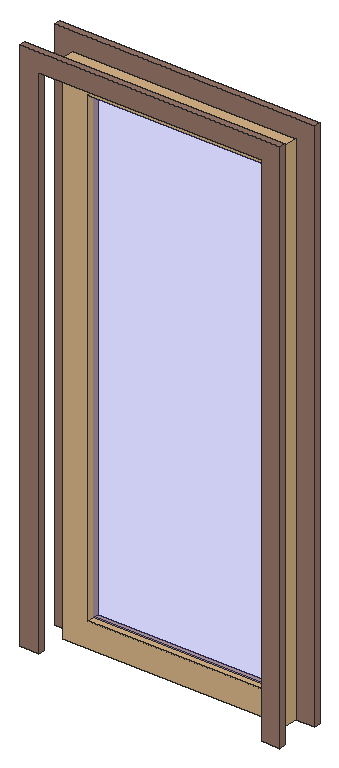
Revit family "Single-Glass 1", category Doors, host Wall, Revit 2014
Parameters (values of type "36" x 84"")
  Visual Light Transmittance = 0
  Thickness = 0' - 2"
  Solar Heat Gain Coefficient = 0
  Construction Type Id = ""
  Heat Transfer Coefficient (U) = 0.6520 BTU/(h·ft²·°F)
  Function = Interior
  Assembly Code = "C1020"
  Door Material = Door - Panel
  Frame Material = Door - Frame
  Height = 7' - 0"
  Rail Width - Base = 0' - 4"
  Rail Width - Top = 0' - 4"
  Stile Width - Hinge = 0' - 4"
  Stile Width - Latch = 0' - 4"
  Trim Projection Ext = 0' - 1"
  Trim Projection Int = 0' - 1"
  Trim Width = 0' - 3"
  Wall Closure = By host
  Width = 3' - 0"
  Analytic Construction = Metal
Types (7): name | Height | Width
  36" x 84" | 7' - 0" | 3' - 0"
  34" x 84" | 7' - 0" | 2' - 10"
  32" x 84" | 7' - 0" | 2' - 8"
  30" x 84" | 7' - 0" | 2' - 6"
  30" x 80" | 6' - 8" | 2' - 6"
  36" x 80" | 6' - 8" | 3' - 0"
  34" x 80" | 6' - 8" | 2' - 10"
Reference planes (in)
  plane 1: y = 0
  plane 2: z = 0
  plane 3: x = 0
  plane 4: x = -18
  plane 5: x = 18
  plane 6: z = 84
  plane 7: y = 2.125
Forms (in)
  Extrusion 1, solid, material "Door - Panel" <- "Door Material"
    sketch origin (0, 0, 0) x (1, 0, 0) y (0, 0, 1)
      loop
        line (-18, 84) -> (-18, 0) -> (18, 0) -> (18, 84) -> (-18, 84)
      loop
        line (14, 80) -> (-14, 80) -> (-14, 4) -> (14, 4) -> (14, 80)
    from -3 to -1
  Extrusion 2, solid, material "Glass"
    sketch origin (0, 0, 0) x (1, 0, 0) y (0, 0, 1)
      loop
        line (14, 80) -> (-14, 80) -> (-14, 4) -> (14, 4) -> (14, 80)
    from -1.875 to -2.125
  Extrusion 3, solid, material "Door - Frame" <- "Frame Material"
    sketch origin (-84.47493, 3, 0) x (-1, 0, 0) y (0, 0, 1)
      loop
        line (-102.47493, 0) -> (-102.47493, 84) -> (-66.47493, 84) -> (-66.47493, 0) -> (-63.47493, 0) -> (-63.47493, 87) -> (-105.47493, 87) -> (-105.47493, 0) -> (-102.47493, 0)
    from 0 to 1
  Extrusion 4, solid, material "Door - Frame" <- "Frame Material"
    sketch origin (-84.47493, -3, 0) x (1, 0, 0) y (0, 0, 1)
      loop
        line (102.47493, 0) -> (105.47493, 0) -> (105.47493, 87) -> (63.47493, 87) -> (63.47493, 0) -> (66.47493, 0) -> (66.47493, 84) -> (102.47493, 84) -> (102.47493, 0)
    from 0 to 1
Lines and regions (in)
  Opening 1
    outline origin (-60, -3, 144) x (0, 0, -1) y (1, 0, 0)
      loop
        line (60, 42) -> (144, 42) -> (144, 78) -> (60, 78) -> (60, 42)
  symbolic lines, style "DoorsPanelProjection"
    curve 1: line (18, 3, 0) -> (16, 3, 0)
    curve 2: line (18, 3, 0) -> (18, 7, 0)
    curve 3: line (18, 39, 0) -> (16, 39, 0)
    curve 4: line (16, 3, 0) -> (16, 7, 0)
    curve 10: line (16, 35, 0) -> (18, 35, 0)
    curve 11: line (16, 7, 0) -> (18, 7, 0)
    curve 13: line (16, 35, 0) -> (16, 39, 0)
    curve 14: line (18, 35, 0) -> (18, 39, 0)
    curve 15: line (16, 7, 0) -> (16, 35, 0)
    curve 16: line (18, 7, 0) -> (18, 35, 0)
  symbolic lines, style "Plan Swing"
    curve 5: arc (18, 39, 0) -> (-7.45584, 28.45584, 0) -> (-18, 3, 0) r 36
  symbolic lines, style "DoorsGlassProjection"
    curve 6: line (14, 0, 80) -> (14, 0, 4)
    curve 7: line (14, 0, 80) -> (-14, 0, 80)
    curve 8: line (-14, 0, 80) -> (-14, 0, 4)
    curve 9: line (14, 0, 4) -> (-14, 0, 4)
    curve 12: line (17, 35, 0) -> (17, 7, 0)
  symbolic lines, style "Elevation Swing"
    curve 17: line (-18, 0, 84) -> (18, 0, 42)
    curve 18: line (-18, 0, 0) -> (18, 0, 42)
Dimensions and locks (in)
  equal spacing: plane 4, plane 3, plane 5
  "Width": plane 4 to plane 5
  host wall to curve 1 = 0' - 0"
  control icon elem to host wall = 1' - 6"
  control icon elem to plane 5 = 1' - 0"
  "Height": plane 6 to plane 2
  "Stile Width - Latch": plane 4 to curve 8
  "Stile Width - Hinge": curve 6 to plane 5
  "Rail Width - Top": plane 6 to curve 7
  "Rail Width - Base": curve 9 to plane 2
  "Stile Width - Latch": curve 10 to curve 3
  "Stile Width - Hinge": curve 1 to curve 11
  "Width": curve 3 to host wall
  "Trim Width": Extrusion 3 sketch curve to Extrusion 1  (x3)
  "Trim Width": plane 4 to Extrusion 4 sketch curve
  "Trim Width": plane 5 to Extrusion 4 sketch curve
  "Trim Width": plane 6 to Extrusion 4 sketch curve
  "Trim Projection Int": Extrusion 4 to Extrusion 4
  locked: host wall to Extrusion 3
  locked: host wall to Extrusion 1
  "Thickness": curve 15 to plane 5
  equal spacing: curve 15, curve 12, plane 5
  "Thickness": Extrusion 1 to host wall
  "Trim Projection Ext": Extrusion 3 to host wall
  locked: host wall to plane 7 at 0.875
  locked: Extrusion 2 to Extrusion 2 at 0.25
  equal spacing: level, curve 18, plane 6
  aligned and locked: curve 7 to Extrusion 1 sketch curve
  aligned and locked: curve 6 to Extrusion 1 sketch curve
  aligned and locked: Extrusion 1 sketch curve to curve 7
  aligned and locked: Extrusion 1 sketch curve to curve 6
  aligned and locked: curve 7 to Extrusion 2 sketch curve
  aligned and locked: curve 6 to Extrusion 2 sketch curve
  aligned and locked: Extrusion 2 sketch curve to curve 7
  aligned and locked: Extrusion 2 sketch curve to curve 6
  aligned and locked: host wall to Extrusion 1  (x3)
  aligned and locked: Extrusion 3 sketch curve to curve 1
  aligned and locked: plane 6 to Extrusion 3 sketch curve
  aligned and locked: Extrusion 3 sketch curve to plane 2
  aligned and locked: plane 2 to Extrusion 3 sketch curve
  aligned and locked: plane 5 to Extrusion 3 sketch curve
  aligned and locked: Extrusion 3 to host wall  (x3)
  aligned and locked: Extrusion 4 sketch curve to curve 1
  aligned and locked: plane 6 to Extrusion 4 sketch curve
  aligned and locked: plane 2 to Extrusion 4 sketch curve  (x2)
  aligned and locked: level to Extrusion 4 sketch curve
  aligned and locked: Extrusion 4 to host wall
  aligned and locked: curve 4 to curve 13
  aligned and locked: plane 5 to curve 16
  aligned and locked: curve 2 to plane 5
  aligned and locked: Extrusion 3 sketch curve to Extrusion 1
  aligned and locked: Extrusion 4 sketch curve to Extrusion 1
  aligned and locked: Extrusion 1 to Extrusion 4 sketch curve
  aligned and locked: Extrusion 2 to plane 7
Automatic sketch dimensions
  Opening 1 sketch curve to plane 6 = 0' - 0"
  Opening 1 sketch curve to level = 0' - 0"
  Opening 1 sketch curve to plane 4 = 0' - 0"
  Opening 1 sketch curve to plane 5 = 0' - 0"
  Extrusion 1 sketch curve to plane 4 = 0' - 0"
  Extrusion 1 sketch curve to plane 5 = 0' - 0"
  Extrusion 1 sketch curve to level = 0' - 0"
  Extrusion 1 sketch curve to plane 6 = 0' - 0"
  Extrusion 4 sketch curve to plane 5 = 0' - 0"
  curve 5 to plane 4 = 0' - 0"
  curve 17 to plane 4 = 0' - 0"
  curve 17 to plane 6 = 0' - 0"
  curve 18 to plane 5 = 0' - 0"
  curve 18 to level = 0' - 0"
  curve 18 to plane 4 = 0' - 0"
